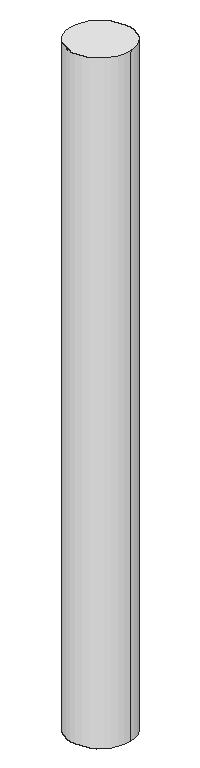
Revit family "M_Pile-Cọc Tròn", category Structural Foundations, Revit 2019
Family settings
  Material for Model Behavior = Steel
  Cap = No
  Work Plane-Based = No
  Always vertical = Yes
  Cut with Voids When Loaded = No
  Shared = Yes
Parameters (values of type "600mm Diameter")
  Structural Material [instance] = Steel, 45-345
  Radius [instance] = Diameter / 2  # 300 mm
  Minimum Embedment [instance] = 152 mm
  Diameter [instance] = 600 mm
  Depth [instance] = 6000 mm
  Assembly Code = "A1020130"
Types (4): name
  600mm Diameter
  300mm Diameter
  400mm Diameter
  500mm Diameter
Reference planes
  plane 1 "Center (Front/Back)": y = 0
  plane 2: z = 0
  plane 3 "Center (Left/Right)": x = 0
  plane 4: z = -6000
  plane 5: z = 152
Forms (mm)
  Extrusion 1, solid, material "Steel, 45-345" <- "Structural Material"
    sketch origin (0, 0, 0) x (1, 0, 0) y (0, 1, 0)
      loop
        circle (0, 0) r 300
    from -6000 to 152
Dimensions and locks
  "Depth": plane 2 to plane 4
  "Minimum Embedment": plane 5 to plane 2
  "Radius": radius of Extrusion 1 sketch curve
  aligned and locked: Extrusion 1 to plane 4
  aligned and locked: Extrusion 1 to plane 5
  aligned and locked: plane 1 "Center (Front/Back)" to nested 1
  aligned and locked: plane 3 "Center (Left/Right)" to nested 1
Automatic sketch dimensions
  plane 1 "Center (Front/Back)" to Extrusion 1 sketch curve = 0 mm
  Extrusion 1 sketch curve to plane 3 "Center (Left/Right)" = 0 mm
Nested families
  nested 1: "BS_LINE_TimCoc" at (0, 0, 0), type "BS_LINE_TimCoc"
Definition of nested family "BS_LINE_TimCoc"
  Parameters (values of type "BS_LINE_TimCoc")
    LINE = DK + 100 mm  # 780 mm
    DK = 680 mm
  Reference planes
    plane 1 "Center (Front/Back)": y = 0
    plane 2: z = 0
    plane 3 "Center (Left/Right)": x = 0
  Lines and regions (mm)
    detail lines, in view "Ref. Level", not visible
      curve 1: circle (0, 0, 0) r 340 normal (0, 0, 1)
    detail lines, in view "Ref. Level"
      curve 2: line (-390, 0, 0) -> (390, 0, 0)
      curve 3: line (0, 390, 0) -> (0, -390, 0)
  Dimensions and locks
    equal spacing: curve 2, plane 3 "Center (Left/Right)", curve 2
    equal spacing: curve 3, plane 1 "Center (Front/Back)", curve 3
    "LINE": curve 3 to curve 3
    "LINE": curve 2 to curve 2
    "DK": diameter of curve 1
  Automatic sketch dimensions
    curve 3 to plane 3 "Center (Left/Right)" = 0 mm
    plane 1 "Center (Front/Back)" to curve 1 = 0 mm
    curve 1 to plane 3 "Center (Left/Right)" = 0 mm
    plane 1 "Center (Front/Back)" to curve 2 = 0 mm
